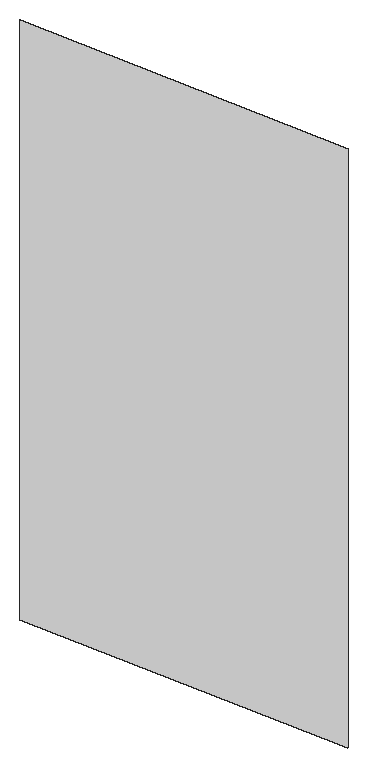
Revit family
Parameters (values of type "단일")
  폭 = 70 mm
  장착 높이 = 1200 mm
  레이블 = "D"
  높이 = 115 mm
  재료 = 플라스틱 - 흰색
Reference planes
  plane 1: y = 0
  plane 2 "중심(왼쪽/오른쪽)": x = 125
  plane 3 "뒤로": y = 75
  plane 4: z = 1200
  plane 5: x = 90
  plane 6: x = 160
  plane 7: z = 1257.5
  plane 8: z = 1142.5
  plane 9: y = 80
Forms (mm)
  Blend 1, solid, material "플라스틱 - 흰색" <- "재료"
    base sketch origin (0, 75, 0) x (1, 0, 0) y (0, 0, 1)
      loop
        line (160, 1257.5) -> (90, 1257.5) -> (90, 1142.5) -> (160, 1142.5) -> (160, 1257.5)
    top sketch origin (0, 75, 0) x (1, 0, 0) y (0, 0, 1)
      loop
        line (155, 1252.5) -> (95, 1252.5) -> (95, 1147.5) -> (155, 1147.5) -> (155, 1252.5)
    from 0 to -5
Text (mm)
  text "측면 배치" at (0, 1270.507, 3001.832), in view "왼쪽"
  text "측면 배치" at (0, 530.812, 2999.686), in view "오른쪽"
Dimensions and locks
  locked: plane 3 "뒤로" to host wall
  "높이": plane 8 to plane 7
  "폭": plane 5 to plane 6
  equal spacing: plane 8, plane 4, plane 7
  equal spacing: plane 5, plane 2 "중심(왼쪽/오른쪽)", plane 6
  "장착 높이": level to plane 4
  locked: plane 3 "뒤로" to plane 9 at 5
  aligned and locked: plane 1 to host wall
  aligned and locked: plane 6 to Blend 1 sketch curve
  aligned and locked: Blend 1 sketch curve to plane 7
  aligned and locked: plane 8 to Blend 1 sketch curve
  aligned and locked: plane 5 to Blend 1 sketch curve
  aligned and locked: plane 3 "뒤로" to Blend 1
  aligned and locked: Blend 1 to plane 9
  aligned and locked: plane 3 "뒤로" to nested 1
Automatic sketch dimensions
  Blend 1 sketch curve to plane 5 = 5 mm
  plane 6 to Blend 1 sketch curve = 5 mm
  Blend 1 sketch curve to plane 8 = 5 mm
  plane 7 to Blend 1 sketch curve = 5 mm
Nested families
  nested 1: "레이블이 있는 스위치 주석" at (125, 75, 0), type "레이블이 있는 스위치 주석"
Definition of nested family "레이블이 있는 스위치 주석"
  Parameters
    레이블 = "D"
  Reference planes
    plane 1: y = 0
    plane 2: x = 0
  Lines and regions (mm)
    detail lines
      curve 1: arc (0.687, 4.366, 0) -> (-0.687, 4.366, 0) -> (0, 3.175, 0) r 0.794
      curve 2: arc (-0.846, 1.687, 0) -> (0.876, 1.693, 0) -> (0, 3.175, 0) r 0.992
      curve 3: line (0, 1.191, 0) -> (0, 0.222, 0)
  Text (mm)
    label "레이블" at (2.034, 1.9, 0), shows "레이블"
